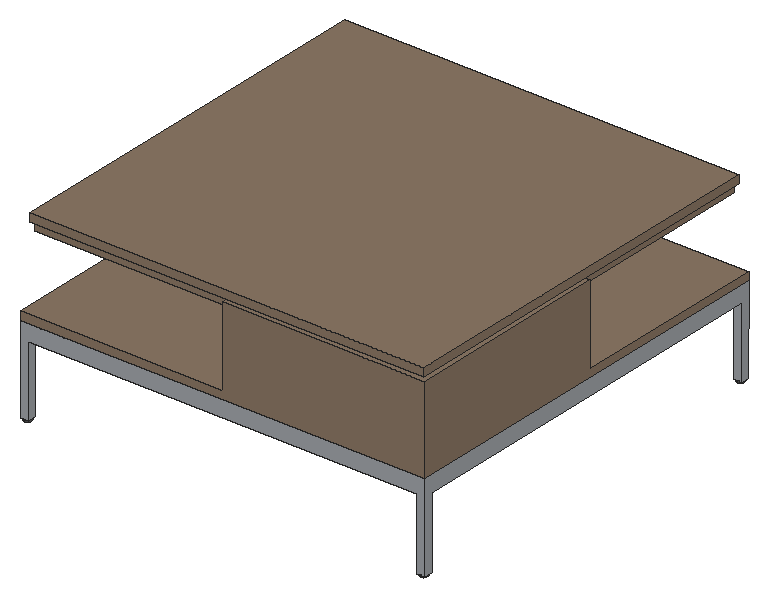
Revit family
Parameters
  URL = "http://www.martinbrattrud.com"
  Table Top [instance] = none
  SCS Certified Product = "Yes"
  Model = "Braemar 784-37SL"
  Manufacturer = "Martin Brattrud, Inc."
  Leg [instance] = none
  Keynote = "125000"
  Foot [instance] = none
  Copyright = "© 2013 Martin Brattrud, Inc."
  Authoring Version = "Revit Architecture 2010"
  Assembly Code = "E2020200"
Reference planes (in)
  plane 1 "Center Front/Back": y = 0
  plane 2: z = 0
  plane 3 "Center Left/Right": x = 0
Forms (in)
  Extrusion 1, solid, material <- "Leg"
    sketch origin (0, 0, 0) x (1, 0, 0) y (0, 1, 0)
      loop
        line (17.74604, 17.75) -> (-17.74604, 17.75) -> (-17.74604, -17.75) -> (17.74604, -17.75) -> (17.74604, 17.75)
    from 8.25 to 7.5
  Extrusion 2, solid, material <- "Leg"
    sketch origin (0, 0, 0) x (0, 1, 0) y (0, 0, 1)
      loop
        line (-18.5, 8.25) -> (-18.5, 6.75) -> (-17.75, 6.75) -> (-17.75, 8.25) -> (-18.5, 8.25)
      loop
        line (18.5, 8.25) -> (17.75, 8.25) -> (17.75, 6.75) -> (18.5, 6.75) -> (18.5, 8.25)
    from -17.75 to 17.75
  Extrusion 3, solid, material <- "Leg"
    sketch origin (0, 0, 0) x (0, 1, 0) y (0, 0, -1)
      loop
        line (18.5, -0.25) -> (17.75, -0.25) -> (17.75, -6.75) -> (-17.75, -6.75) -> (-17.75, -0.25) -> (-18.5, -0.25) -> (-18.5, -8.25) -> (18.5, -8.25) -> (18.5, -0.25)
    from 17.75 to 18.5
  Extrusion 4, solid, material <- "Leg"
    sketch origin (0, 0, 0) x (0, 1, 0) y (0, 0, 1)
      loop
        line (18.5, 0.25) -> (18.5, 8.25) -> (-18.5, 8.25) -> (-18.5, 0.25) -> (-17.75, 0.25) -> (-17.75, 6.75) -> (17.75, 6.75) -> (17.75, 0.25) -> (18.5, 0.25)
    from 17.75 to 18.5
  Extrusion 5, solid, material <- "Table Top"
    sketch origin (18.125, 0, 0) x (1, 0, 0) y (0, 1, 0)
      loop
        line (0.375, 0.375) -> (-18.125, 0.375) -> (-18.125, -18.5) -> (0.375, -18.5) -> (0.375, 0.375)
    from 9 to 16.25
  Extrusion 6, solid, material <- "Table Top"
    sketch origin (0, 0, 0) x (1, 0, 0) y (0, 1, 0)
      loop
        line (-17.99609, 18) -> (-17.99609, -18) -> (17.99609, -18) -> (17.99609, 18) -> (-17.99609, 18)
    from 16.25 to 17
  Extrusion 7, solid, material <- "Table Top"
    sketch origin (0, 0, 0) x (1, 0, 0) y (0, 1, 0)
      loop
        line (18.5, 18.5) -> (-18.5, 18.5) -> (-18.5, -18.5) -> (18.5, -18.5) -> (18.5, 18.5)
    from 8.25 to 9
  Extrusion 8, solid, material <- "Table Top"
    sketch origin (-18.125, 0, 0) x (-1, 0, 0) y (0, -1, 0)
      loop
        line (0.375, 0.375) -> (-18.125, 0.375) -> (-18.125, -18.5) -> (0.375, -18.5) -> (0.375, 0.375)
    from 9 to 16.25
  Extrusion 9, solid, material <- "Table Top"
    sketch origin (0, 0, 0) x (1, 0, 0) y (0, 1, 0)
      loop
        line (17.75, 17.75) -> (-17.75, 17.75) -> (-17.75, -17.75) -> (17.75, -17.75) -> (17.75, 17.75)
    from 15.5 to 16.25
  Revolve 10, solid, material <- "Foot"
    sketch origin (18.1252, -18.49282, 48) x (0, -1, 0) y (0, 0, 1)
      loop
        line (-0.50027, -48) -> (-0.375, -48) -> (-0.375, -47.75) -> (-0.75, -47.75)
        arc (-0.75, -47.75) -> (-0.67687, -47.92668) -> (-0.50027, -48) r 0.25
      axis (-0.375, -48) -> (-0.375, -47.75)
    angle from 0 to 360
  Revolve 11, solid, material <- "Foot"
    sketch origin (-18.1252, -18.49282, 48) x (0, -1, 0) y (0, 0, -1)
      loop
        arc (-0.50027, 48) -> (-0.67687, 47.92668) -> (-0.75, 47.75) r 0.25
        line (-0.75, 47.75) -> (-0.375, 47.75) -> (-0.375, 48) -> (-0.50027, 48)
      axis (-0.375, 48) -> (-0.375, 47.75)
    angle from 0 to 360
  Revolve 12, solid, material <- "Foot"
    sketch origin (18.1252, 18.49282, 48) x (0, 1, 0) y (0, 0, -1)
      loop
        arc (-0.50027, 48) -> (-0.67687, 47.92668) -> (-0.75, 47.75) r 0.25
        line (-0.75, 47.75) -> (-0.375, 47.75) -> (-0.375, 48) -> (-0.50027, 48)
      axis (-0.375, 48) -> (-0.375, 47.75)
    angle from 0 to 360
  Revolve 13, solid, material <- "Foot"
    sketch origin (-18.1252, 18.49282, 48) x (0, 1, 0) y (0, 0, 1)
      loop
        line (-0.50027, -48) -> (-0.375, -48) -> (-0.375, -47.75) -> (-0.75, -47.75)
        arc (-0.75, -47.75) -> (-0.67687, -47.92668) -> (-0.50027, -48) r 0.25
      axis (-0.375, -48) -> (-0.375, -47.75)
    angle from 0 to 360
Cuts and joins
  joined: Extrusion 1, Extrusion 2, Extrusion 3, Extrusion 4
  joined: Extrusion 5, Extrusion 7, Extrusion 8, Extrusion 9
